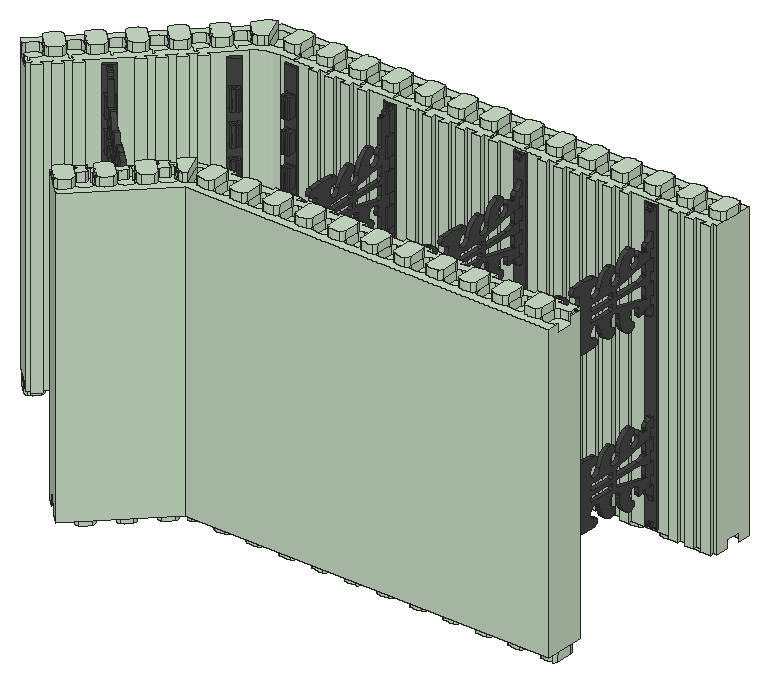
Revit family "ICF- NUDURA 10-inch- 45 Degree Form Unit- Imperial", category Generic Models, Revit 2010 (continued)
Definition of nested family "10-inch Insert Web"
  Forms (in)
    Extrusion 2, solid, material "High Density Polystyrene"
      sketch origin (0, 0, 0) x (0, 1, 0) y (0, 0, 1)
        loop
          line (2.26514, 4.18701) -> (2.26514, 4.37101)
      from 0.125 to -0.125
    Extrusion 3, solid, material "High Density Polystyrene"
      sketch origin (0, 0, 0) x (0, 1, 0) y (0, 0, 1)
        loop
          line (5.21, 16.17792) -> (4.71, 16.17792) -> (4.71, 14.97792) -> (5.21, 14.97792) -> (5.21, 16.17792)
        loop
          line (5.21, 14.22792) -> (4.71, 14.22792) -> (4.71, 13.02792) -> (5.21, 13.02792) -> (5.21, 14.22792)
        loop
          line (5.21, 12.27792) -> (4.71, 12.27792) -> (4.71, 11.07792) -> (5.21, 11.07792) -> (5.21, 12.27792)
        loop
          line (5.21, 10.32792) -> (4.71, 10.32792) -> (4.71, 9.24792) -> (5.21, 9.24792) -> (5.21, 10.32792)
        loop
          line (5.21, 8.49792) -> (4.71, 8.49792) -> (4.71, 7.41792) -> (5.21, 7.41792) -> (5.21, 8.49792)
        loop
          line (5.21, 6.66792) -> (4.71, 6.66792) -> (4.71, 5.46792) -> (5.21, 5.46792) -> (5.21, 6.66792)
        loop
          line (5.21, 4.71792) -> (4.71, 4.71792) -> (4.71, 3.51792) -> (5.21, 3.51792) -> (5.21, 4.71792)
        loop
          line (5.21, 2.76792) -> (4.71, 2.76792) -> (4.71, 1.56792) -> (5.21, 1.56792) -> (5.21, 2.76792)
        loop
          line (-5.21, 16.17792) -> (-5.21, 14.97792) -> (-4.71, 14.97792) -> (-4.71, 16.17792) -> (-5.21, 16.17792)
        loop
          line (-5.21, 14.22792) -> (-5.21, 13.02792) -> (-4.71, 13.02792) -> (-4.71, 14.22792) -> (-5.21, 14.22792)
        loop
          line (-5.21, 12.27792) -> (-5.21, 11.07792) -> (-4.71, 11.07792) -> (-4.71, 12.27792) -> (-5.21, 12.27792)
        loop
          line (-5.21, 10.32792) -> (-5.21, 9.24792) -> (-4.71, 9.24792) -> (-4.71, 10.32792) -> (-5.21, 10.32792)
        loop
          line (-5.21, 8.49792) -> (-5.21, 7.41792) -> (-4.71, 7.41792) -> (-4.71, 8.49792) -> (-5.21, 8.49792)
        loop
          line (-5.21, 6.66792) -> (-5.21, 5.46792) -> (-4.71, 5.46792) -> (-4.71, 6.66792) -> (-5.21, 6.66792)
        loop
          line (-5.21, 4.71792) -> (-5.21, 3.51792) -> (-4.71, 3.51792) -> (-4.71, 4.71792) -> (-5.21, 4.71792)
        loop
          line (-5.21, 2.76792) -> (-5.21, 1.56792) -> (-4.71, 1.56792) -> (-4.71, 2.76792) -> (-5.21, 2.76792)
      from 0.25 to -0.25
    Extrusion 4, void
      sketch origin (0, 2, 0) x (1, 0, 0) y (0, 1, 0)
        loop
          line (-0.25, 2.79249) -> (-0.25, 2.71) -> (-0.1675, 2.71)
          arc (-0.1675, 2.71) -> (-0.22584, 2.73416) -> (-0.25, 2.79249) r 0.0825
      from 0 to 18
    Extrusion 5, void
      sketch origin (0, 2, 0) x (-1, 0, 0) y (0, -1, 0)
        loop
          arc (-0.25, -2.79249) -> (-0.22584, -2.73416) -> (-0.1675, -2.71) r 0.0825
          line (-0.1675, -2.71) -> (-0.25, -2.71) -> (-0.25, -2.79249)
      from 0 to 18
    Extrusion 6, void
      sketch origin (0, -2, 0) x (1, 0, 0) y (0, 1, 0)
        loop
          arc (-0.25, -2.79249) -> (-0.22584, -2.73416) -> (-0.1675, -2.71) r 0.0825
          line (-0.1675, -2.71) -> (-0.25, -2.71) -> (-0.25, -2.79249)
      from 0 to 18
    Extrusion 7, void
      sketch origin (0, -2, 0) x (-1, 0, 0) y (0, -1, 0)
        loop
          line (-0.25, 2.79249) -> (-0.25, 2.71) -> (-0.1675, 2.71)
          arc (-0.1675, 2.71) -> (-0.22584, 2.73416) -> (-0.25, 2.79249) r 0.0825
      from 0 to 18
  Cuts and joins
    Extrusion 4, Extrusion 5, Extrusion 6, Extrusion 7 cuts Extrusion 1
    Extrusion 4, Extrusion 5, Extrusion 6, Extrusion 7 cuts Extrusion 3
Definition of nested family "NUDURA Diamond Pattern"
  Reference planes (in)
    plane 1 "Center (Front/Back)": y = 0
    plane 2: z = 0
    plane 3 "Center (Left/Right)": x = 0
    plane 4: z = 18
  Lines and regions (in)
    model lines
      curve 1: line (8, -5.625, 18) -> (8, -5.625, 0)
      curve 2: line (6, -5.625, 18) -> (6, -5.625, 0)
      curve 3: line (2, -5.625, 18) -> (2, -5.625, 0)
      curve 4: line (3.35367, -5.625, 16.98484) -> (3.69709, -5.625, 16.64142)
      curve 5: arc (3.35367, -5.625, 17.51517) -> (3.24384, -5.625, 17.25) -> (3.35367, -5.625, 16.98484) r 0.375
      curve 6: line (3.72867, -5.625, 17.89017) -> (3.35367, -5.625, 17.51517)
      curve 7: arc (4.259, -5.625, 17.89017) -> (3.99384, -5.625, 18) -> (3.72867, -5.625, 17.89017) r 0.375
      curve 8: line (4.634, -5.625, 17.51517) -> (4.259, -5.625, 17.89017)
      curve 9: arc (4.634, -5.625, 16.98484) -> (4.74384, -5.625, 17.25) -> (4.634, -5.625, 17.51517) r 0.375
      curve 10: line (4.29059, -5.625, 16.64142) -> (4.634, -5.625, 16.98484)
      curve 11: arc (4.17062, -5.625, 17.80178) -> (3.99384, -5.625, 17.875) -> (3.81706, -5.625, 17.80178) r 0.25
      curve 12: line (4.54562, -5.625, 17.42678) -> (4.17062, -5.625, 17.80178)
      curve 13: arc (4.54562, -5.625, 17.07322) -> (4.61884, -5.625, 17.25) -> (4.54562, -5.625, 17.42678) r 0.25
      curve 14: line (4.17062, -5.625, 16.69822) -> (4.54562, -5.625, 17.07322)
      curve 15: arc (3.81706, -5.625, 16.69822) -> (3.99384, -5.625, 16.625) -> (4.17062, -5.625, 16.69822) r 0.25
      curve 16: line (3.44206, -5.625, 17.07322) -> (3.81706, -5.625, 16.69822)
      curve 17: arc (3.44206, -5.625, 17.42678) -> (3.36884, -5.625, 17.25) -> (3.44206, -5.625, 17.07322) r 0.25
      curve 18: line (3.81706, -5.625, 17.80178) -> (3.44206, -5.625, 17.42678)
      curve 19: arc (3.69709, -5.625, 16.35858) -> (3.75567, -5.625, 16.5) -> (3.69709, -5.625, 16.64142) r 0.2
      curve 20: line (4.634, -5.625, 16.01517) -> (4.29059, -5.625, 16.35858)
      curve 21: arc (4.634, -5.625, 15.48484) -> (4.74384, -5.625, 15.75) -> (4.634, -5.625, 16.01517) r 0.375
      curve 22: line (4.29059, -5.625, 15.14142) -> (4.634, -5.625, 15.48484)
      curve 23: line (3.35367, -5.625, 15.48484) -> (3.69709, -5.625, 15.14142)
      curve 24: arc (3.35367, -5.625, 16.01517) -> (3.24384, -5.625, 15.75) -> (3.35367, -5.625, 15.48484) r 0.375
      curve 25: line (3.69709, -5.625, 16.35858) -> (3.35367, -5.625, 16.01517)
      curve 26: arc (4.17062, -5.625, 16.30178) -> (3.99384, -5.625, 16.375) -> (3.81706, -5.625, 16.30178) r 0.25
      curve 27: line (3.81706, -5.625, 16.30178) -> (3.44206, -5.625, 15.92678)
      curve 28: arc (3.44206, -5.625, 15.92678) -> (3.36884, -5.625, 15.75) -> (3.44206, -5.625, 15.57322) r 0.25
      curve 29: line (3.44206, -5.625, 15.57322) -> (3.81706, -5.625, 15.19822)
      curve 30: arc (3.81706, -5.625, 15.19822) -> (3.99384, -5.625, 15.125) -> (4.17062, -5.625, 15.19822) r 0.25
      curve 31: line (4.17062, -5.625, 15.19822) -> (4.54562, -5.625, 15.57322)
      curve 32: arc (4.54562, -5.625, 15.57322) -> (4.61884, -5.625, 15.75) -> (4.54562, -5.625, 15.92678) r 0.25
      curve 33: line (4.54562, -5.625, 15.92678) -> (4.17062, -5.625, 16.30178)
      curve 34: arc (3.69709, -5.625, 14.85858) -> (3.75567, -5.625, 15) -> (3.69709, -5.625, 15.14142) r 0.2
      curve 35: line (4.634, -5.625, 14.51517) -> (4.29059, -5.625, 14.85858)
      curve 36: arc (4.634, -5.625, 13.98484) -> (4.74384, -5.625, 14.25) -> (4.634, -5.625, 14.51517) r 0.375
      curve 37: line (4.29059, -5.625, 13.64142) -> (4.634, -5.625, 13.98484)
      curve 38: line (3.35367, -5.625, 13.98484) -> (3.69709, -5.625, 13.64142)
      curve 39: arc (3.35367, -5.625, 14.51517) -> (3.24384, -5.625, 14.25) -> (3.35367, -5.625, 13.98484) r 0.375
      curve 40: line (3.69709, -5.625, 14.85858) -> (3.35367, -5.625, 14.51517)
      curve 41: arc (4.17062, -5.625, 14.80178) -> (3.99384, -5.625, 14.875) -> (3.81706, -5.625, 14.80178) r 0.25
      curve 42: line (3.81706, -5.625, 14.80178) -> (3.44206, -5.625, 14.42678)
      curve 43: arc (3.44206, -5.625, 14.42678) -> (3.36884, -5.625, 14.25) -> (3.44206, -5.625, 14.07322) r 0.25
      curve 44: line (3.44206, -5.625, 14.07322) -> (3.81706, -5.625, 13.69822)
      curve 45: arc (3.81706, -5.625, 13.69822) -> (3.99384, -5.625, 13.625) -> (4.17062, -5.625, 13.69822) r 0.25
      curve 46: line (4.17062, -5.625, 13.69822) -> (4.54562, -5.625, 14.07322)
      curve 47: arc (4.54562, -5.625, 14.07322) -> (4.61884, -5.625, 14.25) -> (4.54562, -5.625, 14.42678) r 0.25
      curve 48: line (4.54562, -5.625, 14.42678) -> (4.17062, -5.625, 14.80178)
      curve 49: arc (3.69709, -5.625, 13.35858) -> (3.75567, -5.625, 13.5) -> (3.69709, -5.625, 13.64142) r 0.2
      curve 50: line (4.634, -5.625, 13.01517) -> (4.29059, -5.625, 13.35858)
      curve 51: arc (4.634, -5.625, 12.48484) -> (4.74384, -5.625, 12.75) -> (4.634, -5.625, 13.01517) r 0.375
      curve 52: line (4.29059, -5.625, 12.14142) -> (4.634, -5.625, 12.48484)
      curve 53: line (3.35367, -5.625, 12.48484) -> (3.69709, -5.625, 12.14142)
      curve 54: arc (3.35367, -5.625, 13.01517) -> (3.24384, -5.625, 12.75) -> (3.35367, -5.625, 12.48484) r 0.375
      curve 55: line (3.69709, -5.625, 13.35858) -> (3.35367, -5.625, 13.01517)
      curve 56: arc (4.17062, -5.625, 13.30178) -> (3.99384, -5.625, 13.375) -> (3.81706, -5.625, 13.30178) r 0.25
      curve 57: line (3.81706, -5.625, 13.30178) -> (3.44206, -5.625, 12.92678)
      curve 58: arc (3.44206, -5.625, 12.92678) -> (3.36884, -5.625, 12.75) -> (3.44206, -5.625, 12.57322) r 0.25
      curve 59: line (3.44206, -5.625, 12.57322) -> (3.81706, -5.625, 12.19822)
      curve 60: arc (3.81706, -5.625, 12.19822) -> (3.99384, -5.625, 12.125) -> (4.17062, -5.625, 12.19822) r 0.25
      curve 61: line (4.17062, -5.625, 12.19822) -> (4.54562, -5.625, 12.57322)
      curve 62: arc (4.54562, -5.625, 12.57322) -> (4.61884, -5.625, 12.75) -> (4.54562, -5.625, 12.92678) r 0.25
      curve 63: line (4.54562, -5.625, 12.92678) -> (4.17062, -5.625, 13.30178)
      curve 64: arc (3.69709, -5.625, 11.85858) -> (3.75567, -5.625, 12) -> (3.69709, -5.625, 12.14142) r 0.2
      curve 65: line (4.634, -5.625, 11.51517) -> (4.29059, -5.625, 11.85858)
      curve 66: arc (4.634, -5.625, 10.98484) -> (4.74384, -5.625, 11.25) -> (4.634, -5.625, 11.51517) r 0.375
      curve 67: line (4.29059, -5.625, 10.64142) -> (4.634, -5.625, 10.98484)
      curve 68: line (3.35367, -5.625, 10.98484) -> (3.69709, -5.625, 10.64142)
      curve 69: arc (3.35367, -5.625, 11.51517) -> (3.24384, -5.625, 11.25) -> (3.35367, -5.625, 10.98484) r 0.375
      curve 70: line (3.69709, -5.625, 11.85858) -> (3.35367, -5.625, 11.51517)
      curve 71: arc (4.17062, -5.625, 11.80178) -> (3.99384, -5.625, 11.875) -> (3.81706, -5.625, 11.80178) r 0.25
      curve 72: line (3.81706, -5.625, 11.80178) -> (3.44206, -5.625, 11.42678)
      curve 73: arc (3.44206, -5.625, 11.42678) -> (3.36884, -5.625, 11.25) -> (3.44206, -5.625, 11.07322) r 0.25
      curve 74: line (3.44206, -5.625, 11.07322) -> (3.81706, -5.625, 10.69822)
      curve 75: arc (3.81706, -5.625, 10.69822) -> (3.99384, -5.625, 10.625) -> (4.17062, -5.625, 10.69822) r 0.25
      curve 76: line (4.17062, -5.625, 10.69822) -> (4.54562, -5.625, 11.07322)
      curve 77: arc (4.54562, -5.625, 11.07322) -> (4.61884, -5.625, 11.25) -> (4.54562, -5.625, 11.42678) r 0.25
      curve 78: line (4.54562, -5.625, 11.42678) -> (4.17062, -5.625, 11.80178)
      curve 79: arc (3.69709, -5.625, 10.35858) -> (3.75567, -5.625, 10.5) -> (3.69709, -5.625, 10.64142) r 0.2
      curve 80: line (4.634, -5.625, 10.01517) -> (4.29059, -5.625, 10.35858)
      curve 81: arc (4.634, -5.625, 9.48484) -> (4.74384, -5.625, 9.75) -> (4.634, -5.625, 10.01517) r 0.375
      curve 82: line (4.29059, -5.625, 9.14142) -> (4.634, -5.625, 9.48484)
      curve 83: line (3.35367, -5.625, 9.48484) -> (3.69709, -5.625, 9.14142)
      curve 84: arc (3.35367, -5.625, 10.01517) -> (3.24384, -5.625, 9.75) -> (3.35367, -5.625, 9.48484) r 0.375
      curve 85: line (3.69709, -5.625, 10.35858) -> (3.35367, -5.625, 10.01517)
      curve 86: arc (4.17062, -5.625, 10.30178) -> (3.99384, -5.625, 10.375) -> (3.81706, -5.625, 10.30178) r 0.25
      curve 87: line (3.81706, -5.625, 10.30178) -> (3.44206, -5.625, 9.92678)
      curve 88: arc (3.44206, -5.625, 9.92678) -> (3.36884, -5.625, 9.75) -> (3.44206, -5.625, 9.57322) r 0.25
      curve 89: line (3.44206, -5.625, 9.57322) -> (3.81706, -5.625, 9.19822)
      curve 90: arc (3.81706, -5.625, 9.19822) -> (3.99384, -5.625, 9.125) -> (4.17062, -5.625, 9.19822) r 0.25
      curve 91: line (4.17062, -5.625, 9.19822) -> (4.54562, -5.625, 9.57322)
      curve 92: arc (4.54562, -5.625, 9.57322) -> (4.61884, -5.625, 9.75) -> (4.54562, -5.625, 9.92678) r 0.25
      curve 93: line (4.54562, -5.625, 9.92678) -> (4.17062, -5.625, 10.30178)
      curve 94: arc (3.69709, -5.625, 8.85858) -> (3.75567, -5.625, 9) -> (3.69709, -5.625, 9.14142) r 0.2
      curve 95: line (4.634, -5.625, 8.51517) -> (4.29059, -5.625, 8.85858)
      curve 96: arc (4.634, -5.625, 7.98484) -> (4.74384, -5.625, 8.25) -> (4.634, -5.625, 8.51517) r 0.375
      curve 97: line (4.29059, -5.625, 7.64142) -> (4.634, -5.625, 7.98484)
      curve 98: line (3.35367, -5.625, 7.98484) -> (3.69709, -5.625, 7.64142)
      curve 99: arc (3.35367, -5.625, 8.51517) -> (3.24384, -5.625, 8.25) -> (3.35367, -5.625, 7.98484) r 0.375
      curve 100: line (3.69709, -5.625, 8.85858) -> (3.35367, -5.625, 8.51517)
      curve 101: arc (4.17062, -5.625, 8.80178) -> (3.99384, -5.625, 8.875) -> (3.81706, -5.625, 8.80178) r 0.25
      curve 102: line (3.81706, -5.625, 8.80178) -> (3.44206, -5.625, 8.42678)
      curve 103: arc (3.44206, -5.625, 8.42678) -> (3.36884, -5.625, 8.25) -> (3.44206, -5.625, 8.07322) r 0.25
      curve 104: line (3.44206, -5.625, 8.07322) -> (3.81706, -5.625, 7.69822)
      curve 105: arc (3.81706, -5.625, 7.69822) -> (3.99384, -5.625, 7.625) -> (4.17062, -5.625, 7.69822) r 0.25
      curve 106: line (4.17062, -5.625, 7.69822) -> (4.54562, -5.625, 8.07322)
      curve 107: arc (4.54562, -5.625, 8.07322) -> (4.61884, -5.625, 8.25) -> (4.54562, -5.625, 8.42678) r 0.25
      curve 108: line (4.54562, -5.625, 8.42678) -> (4.17062, -5.625, 8.80178)
      curve 109: arc (3.69709, -5.625, 7.35858) -> (3.75567, -5.625, 7.5) -> (3.69709, -5.625, 7.64142) r 0.2
      curve 110: line (4.634, -5.625, 7.01517) -> (4.29059, -5.625, 7.35858)
      curve 111: arc (4.634, -5.625, 6.48484) -> (4.74384, -5.625, 6.75) -> (4.634, -5.625, 7.01517) r 0.375
      curve 112: line (4.29059, -5.625, 6.14142) -> (4.634, -5.625, 6.48484)
      curve 113: line (3.35367, -5.625, 6.48484) -> (3.69709, -5.625, 6.14142)
      curve 114: arc (3.35367, -5.625, 7.01517) -> (3.24384, -5.625, 6.75) -> (3.35367, -5.625, 6.48484) r 0.375
      curve 115: line (3.69709, -5.625, 7.35858) -> (3.35367, -5.625, 7.01517)
      curve 116: arc (4.17062, -5.625, 7.30178) -> (3.99384, -5.625, 7.375) -> (3.81706, -5.625, 7.30178) r 0.25
      curve 117: line (3.81706, -5.625, 7.30178) -> (3.44206, -5.625, 6.92678)
      curve 118: arc (3.44206, -5.625, 6.92678) -> (3.36884, -5.625, 6.75) -> (3.44206, -5.625, 6.57322) r 0.25
      curve 119: line (3.44206, -5.625, 6.57322) -> (3.81706, -5.625, 6.19822)
      curve 120: arc (3.81706, -5.625, 6.19822) -> (3.99384, -5.625, 6.125) -> (4.17062, -5.625, 6.19822) r 0.25
      curve 121: line (4.17062, -5.625, 6.19822) -> (4.54562, -5.625, 6.57322)
      curve 122: arc (4.54562, -5.625, 6.57322) -> (4.61884, -5.625, 6.75) -> (4.54562, -5.625, 6.92678) r 0.25
      curve 123: line (4.54562, -5.625, 6.92678) -> (4.17062, -5.625, 7.30178)
      curve 124: arc (3.69709, -5.625, 5.85858) -> (3.75567, -5.625, 6) -> (3.69709, -5.625, 6.14142) r 0.2
      curve 125: line (4.634, -5.625, 5.51517) -> (4.29059, -5.625, 5.85858)
      curve 126: arc (4.634, -5.625, 4.98484) -> (4.74384, -5.625, 5.25) -> (4.634, -5.625, 5.51517) r 0.375
      curve 127: line (4.29059, -5.625, 4.64142) -> (4.634, -5.625, 4.98484)
      curve 128: line (3.35367, -5.625, 4.98484) -> (3.69709, -5.625, 4.64142)
      curve 129: arc (3.35367, -5.625, 5.51517) -> (3.24384, -5.625, 5.25) -> (3.35367, -5.625, 4.98484) r 0.375
      curve 130: line (3.69709, -5.625, 5.85858) -> (3.35367, -5.625, 5.51517)
      curve 131: arc (4.17062, -5.625, 5.80178) -> (3.99384, -5.625, 5.875) -> (3.81706, -5.625, 5.80178) r 0.25
      curve 132: line (3.81706, -5.625, 5.80178) -> (3.44206, -5.625, 5.42678)
      curve 133: arc (3.44206, -5.625, 5.42678) -> (3.36884, -5.625, 5.25) -> (3.44206, -5.625, 5.07322) r 0.25
      curve 134: line (3.44206, -5.625, 5.07322) -> (3.81706, -5.625, 4.69822)
      curve 135: arc (3.81706, -5.625, 4.69822) -> (3.99384, -5.625, 4.625) -> (4.17062, -5.625, 4.69822) r 0.25
      curve 136: line (4.17062, -5.625, 4.69822) -> (4.54562, -5.625, 5.07322)
      curve 137: arc (4.54562, -5.625, 5.07322) -> (4.61884, -5.625, 5.25) -> (4.54562, -5.625, 5.42678) r 0.25
      curve 138: line (4.54562, -5.625, 5.42678) -> (4.17062, -5.625, 5.80178)
      curve 139: arc (3.69709, -5.625, 4.35858) -> (3.75567, -5.625, 4.5) -> (3.69709, -5.625, 4.64142) r 0.2
      curve 140: line (4.634, -5.625, 4.01517) -> (4.29059, -5.625, 4.35858)
      curve 141: arc (4.634, -5.625, 3.48484) -> (4.74384, -5.625, 3.75) -> (4.634, -5.625, 4.01517) r 0.375
      curve 142: line (4.29059, -5.625, 3.14142) -> (4.634, -5.625, 3.48484)
      curve 143: line (3.35367, -5.625, 3.48484) -> (3.69709, -5.625, 3.14142)
      curve 144: arc (3.35367, -5.625, 4.01517) -> (3.24384, -5.625, 3.75) -> (3.35367, -5.625, 3.48484) r 0.375
      curve 145: line (3.69709, -5.625, 4.35858) -> (3.35367, -5.625, 4.01517)
      curve 146: arc (4.17062, -5.625, 4.30178) -> (3.99384, -5.625, 4.375) -> (3.81706, -5.625, 4.30178) r 0.25
      curve 147: line (3.81706, -5.625, 4.30178) -> (3.44206, -5.625, 3.92678)
      curve 148: arc (3.44206, -5.625, 3.92678) -> (3.36884, -5.625, 3.75) -> (3.44206, -5.625, 3.57322) r 0.25
      curve 149: line (3.44206, -5.625, 3.57322) -> (3.81706, -5.625, 3.19822)
      curve 150: arc (3.81706, -5.625, 3.19822) -> (3.99384, -5.625, 3.125) -> (4.17062, -5.625, 3.19822) r 0.25
      curve 151: line (4.17062, -5.625, 3.19822) -> (4.54562, -5.625, 3.57322)
      curve 152: arc (4.54562, -5.625, 3.57322) -> (4.61884, -5.625, 3.75) -> (4.54562, -5.625, 3.92678) r 0.25
      curve 153: line (4.54562, -5.625, 3.92678) -> (4.17062, -5.625, 4.30178)
      curve 154: arc (3.69709, -5.625, 2.85858) -> (3.75567, -5.625, 3) -> (3.69709, -5.625, 3.14142) r 0.2
      curve 155: line (4.634, -5.625, 2.51517) -> (4.29059, -5.625, 2.85858)
      curve 156: arc (4.634, -5.625, 1.98484) -> (4.74384, -5.625, 2.25) -> (4.634, -5.625, 2.51517) r 0.375
      curve 157: line (4.29059, -5.625, 1.64142) -> (4.634, -5.625, 1.98484)
      curve 158: line (3.35367, -5.625, 1.98484) -> (3.69709, -5.625, 1.64142)
      curve 159: arc (3.35367, -5.625, 2.51517) -> (3.24384, -5.625, 2.25) -> (3.35367, -5.625, 1.98484) r 0.375
      curve 160: line (3.69709, -5.625, 2.85858) -> (3.35367, -5.625, 2.51517)
      curve 161: arc (4.17062, -5.625, 2.80178) -> (3.99384, -5.625, 2.875) -> (3.81706, -5.625, 2.80178) r 0.25
      curve 162: line (3.81706, -5.625, 2.80178) -> (3.44206, -5.625, 2.42678)
      curve 163: arc (3.44206, -5.625, 2.42678) -> (3.36884, -5.625, 2.25) -> (3.44206, -5.625, 2.07322) r 0.25
      curve 164: line (3.44206, -5.625, 2.07322) -> (3.81706, -5.625, 1.69822)
      curve 165: arc (3.81706, -5.625, 1.69822) -> (3.99384, -5.625, 1.625) -> (4.17062, -5.625, 1.69822) r 0.25
      curve 166: line (4.17062, -5.625, 1.69822) -> (4.54562, -5.625, 2.07322)
      curve 167: arc (4.54562, -5.625, 2.07322) -> (4.61884, -5.625, 2.25) -> (4.54562, -5.625, 2.42678) r 0.25
      curve 168: line (4.54562, -5.625, 2.42678) -> (4.17062, -5.625, 2.80178)
      curve 169: arc (3.69709, -5.625, 1.35858) -> (3.75567, -5.625, 1.5) -> (3.69709, -5.625, 1.64142) r 0.2
      curve 170: line (3.69709, -5.625, 1.35858) -> (3.35367, -5.625, 1.01517)
      curve 171: arc (3.35367, -5.625, 1.01517) -> (3.24384, -5.625, 0.75) -> (3.35367, -5.625, 0.48484) r 0.375
      curve 172: line (3.35367, -5.625, 0.48484) -> (3.72867, -5.625, 0.10984)
      curve 173: arc (3.72867, -5.625, 0.10984) -> (3.99384, -5.625, 0) -> (4.259, -5.625, 0.10984) r 0.375
      curve 174: line (4.259, -5.625, 0.10984) -> (4.634, -5.625, 0.48484)
      curve 175: arc (4.634, -5.625, 0.48484) -> (4.74384, -5.625, 0.75) -> (4.634, -5.625, 1.01517) r 0.375
      curve 176: line (4.634, -5.625, 1.01517) -> (4.29059, -5.625, 1.35858)
      curve 177: arc (4.29059, -5.625, 1.64142) -> (4.23201, -5.625, 1.5) -> (4.29059, -5.625, 1.35858) r 0.2
      curve 178: arc (4.17062, -5.625, 1.30178) -> (3.99384, -5.625, 1.375) -> (3.81706, -5.625, 1.30178) r 0.25
      curve 179: line (4.54562, -5.625, 0.92678) -> (4.17062, -5.625, 1.30178)
      curve 180: arc (4.54562, -5.625, 0.57322) -> (4.61884, -5.625, 0.75) -> (4.54562, -5.625, 0.92678) r 0.25
      curve 181: line (4.17062, -5.625, 0.19822) -> (4.54562, -5.625, 0.57322)
      curve 182: arc (3.81706, -5.625, 0.19822) -> (3.99384, -5.625, 0.125) -> (4.17062, -5.625, 0.19822) r 0.25
      curve 183: line (3.44206, -5.625, 0.57322) -> (3.81706, -5.625, 0.19822)
      curve 184: arc (3.44206, -5.625, 0.92678) -> (3.36884, -5.625, 0.75) -> (3.44206, -5.625, 0.57322) r 0.25
      curve 185: line (3.81706, -5.625, 1.30178) -> (3.44206, -5.625, 0.92678)
      curve 186: arc (4.29059, -5.625, 3.14142) -> (4.23201, -5.625, 3) -> (4.29059, -5.625, 2.85858) r 0.2
      curve 187: arc (4.29059, -5.625, 4.64142) -> (4.23201, -5.625, 4.5) -> (4.29059, -5.625, 4.35858) r 0.2
      curve 188: arc (4.29059, -5.625, 6.14142) -> (4.23201, -5.625, 6) -> (4.29059, -5.625, 5.85858) r 0.2
      curve 189: arc (4.29059, -5.625, 7.64142) -> (4.23201, -5.625, 7.5) -> (4.29059, -5.625, 7.35858) r 0.2
      curve 190: arc (4.29059, -5.625, 9.14142) -> (4.23201, -5.625, 9) -> (4.29059, -5.625, 8.85858) r 0.2
      curve 191: arc (4.29059, -5.625, 10.64142) -> (4.23201, -5.625, 10.5) -> (4.29059, -5.625, 10.35858) r 0.2
      curve 192: arc (4.29059, -5.625, 12.14142) -> (4.23201, -5.625, 12) -> (4.29059, -5.625, 11.85858) r 0.2
      curve 193: arc (4.29059, -5.625, 13.64142) -> (4.23201, -5.625, 13.5) -> (4.29059, -5.625, 13.35858) r 0.2
      curve 194: arc (4.29059, -5.625, 15.14142) -> (4.23201, -5.625, 15) -> (4.29059, -5.625, 14.85858) r 0.2
      curve 195: arc (4.29059, -5.625, 16.64142) -> (4.23201, -5.625, 16.5) -> (4.29059, -5.625, 16.35858) r 0.2
Definition of nested family "NUDURA Logo Diamond"
  Reference planes (in)
    plane 1 "Center (Front/Back)": y = 0
    plane 2: z = 0
    plane 3 "Center (Left/Right)": x = 0
  Lines and regions (in)
    model lines
      curve 1: line (12.59848, 0, 17.50104) -> (12.24492, 0, 17.85459)
      curve 2: line (12.36113, 0, 16.76872) -> (12.59848, 0, 17.00607)
      curve 3: line (12.59848, 0, 16.00104) -> (12.36113, 0, 16.23839)
      curve 4: line (12.36113, 0, 15.26872) -> (12.59848, 0, 15.50607)
      curve 5: line (12.59848, 0, 14.50104) -> (12.36113, 0, 14.73839)
      curve 6: line (12.36113, 0, 13.76872) -> (12.59848, 0, 14.00607)
      curve 7: line (12.17421, 0, 13.28388) -> (12.71208, 0, 12.74602)
      curve 8: line (12.71208, 0, 12.74602) -> (12.78279, 0, 12.81673)
      curve 9: line (11.28279, 0, 12.74602) -> (11.82066, 0, 13.28388)
      curve 10: line (11.63374, 0, 13.23839) -> (11.21208, 0, 12.81673)
      curve 11: line (11.3964, 0, 14.00607) -> (11.63374, 0, 13.76872)
      curve 12: line (11.63374, 0, 14.73839) -> (11.3964, 0, 14.50104)
      curve 13: line (11.3964, 0, 15.50607) -> (11.63374, 0, 15.26872)
      curve 14: line (11.63374, 0, 16.23839) -> (11.3964, 0, 16.00104)
      curve 15: line (11.3964, 0, 17.00607) -> (11.63374, 0, 16.76872)
      curve 16: line (11.74995, 0, 17.85459) -> (11.3964, 0, 17.50104)
      curve 17: line (11.82066, 0, 17.78388) -> (11.46711, 0, 17.43033)
      curve 18: line (12.52777, 0, 17.43033) -> (12.17421, 0, 17.78388)
      curve 19: line (12.17421, 0, 16.72322) -> (12.52777, 0, 17.07678)
      curve 20: line (11.46711, 0, 17.07678) -> (11.82066, 0, 16.72322)
      curve 21: arc (11.3964, 0, 17.50104) -> (11.29388, 0, 17.25355) -> (11.3964, 0, 17.00607) r 0.35
      curve 22: arc (11.74995, 0, 17.85459) -> (11.99744, 0, 17.95711) -> (12.24492, 0, 17.85459) r 0.35
      curve 23: arc (11.46711, 0, 17.43033) -> (11.39388, 0, 17.25355) -> (11.46711, 0, 17.07678) r 0.25
      curve 24: arc (12.52777, 0, 17.43033) -> (12.60099, 0, 17.25355) -> (12.52777, 0, 17.07678) r 0.25
      curve 25: arc (12.17421, 0, 16.72322) -> (11.99744, 0, 16.65) -> (11.82066, 0, 16.72322) r 0.25
      curve 26: arc (11.82066, 0, 17.78388) -> (11.99744, 0, 17.85711) -> (12.17421, 0, 17.78388) r 0.25
      curve 27: arc (12.59848, 0, 17.50104) -> (12.70099, 0, 17.25355) -> (12.59848, 0, 17.00607) r 0.35
      curve 28: arc (11.63374, 0, 16.76872) -> (11.74358, 0, 16.50355) -> (11.63374, 0, 16.23839) r 0.375
      curve 29: arc (12.36113, 0, 16.76872) -> (12.2513, 0, 16.50355) -> (12.36113, 0, 16.23839) r 0.375
      curve 30: line (12.36113, 0, 15.26872) -> (12.59848, 0, 15.50607)
      curve 31: line (11.3964, 0, 15.50607) -> (11.63374, 0, 15.26872)
      curve 32: line (11.82066, 0, 16.28388) -> (11.46711, 0, 15.93033)
      curve 33: line (12.52777, 0, 15.93033) -> (12.17421, 0, 16.28388)
      curve 34: line (12.17421, 0, 15.22322) -> (12.52777, 0, 15.57678)
      curve 35: line (11.46711, 0, 15.57678) -> (11.82066, 0, 15.22322)
      curve 36: arc (11.3964, 0, 16.00104) -> (11.29388, 0, 15.75355) -> (11.3964, 0, 15.50607) r 0.35
      curve 37: arc (11.46711, 0, 15.93033) -> (11.39388, 0, 15.75355) -> (11.46711, 0, 15.57678) r 0.25
      curve 38: arc (12.52777, 0, 15.93033) -> (12.60099, 0, 15.75355) -> (12.52777, 0, 15.57678) r 0.25
      curve 39: arc (12.17421, 0, 15.22322) -> (11.99744, 0, 15.15) -> (11.82066, 0, 15.22322) r 0.25
      curve 40: arc (11.82066, 0, 16.28388) -> (11.99744, 0, 16.35711) -> (12.17421, 0, 16.28388) r 0.25
      curve 41: arc (12.59848, 0, 16.00104) -> (12.70099, 0, 15.75355) -> (12.59848, 0, 15.50607) r 0.35
      curve 42: line (11.63374, 0, 16.23839) -> (11.3964, 0, 16.00104)
      curve 43: line (12.59848, 0, 16.00104) -> (12.36113, 0, 16.23839)
      curve 44: arc (11.63374, 0, 15.26872) -> (11.74358, 0, 15.00355) -> (11.63374, 0, 14.73839) r 0.375
      curve 45: arc (12.36113, 0, 15.26872) -> (12.2513, 0, 15.00355) -> (12.36113, 0, 14.73839) r 0.375
      curve 46: line (12.36113, 0, 13.76872) -> (12.59848, 0, 14.00607)
      curve 47: line (11.3964, 0, 14.00607) -> (11.63374, 0, 13.76872)
      curve 48: line (11.82066, 0, 14.78388) -> (11.46711, 0, 14.43033)
      curve 49: line (12.52777, 0, 14.43033) -> (12.17421, 0, 14.78388)
      curve 50: line (12.17421, 0, 13.72322) -> (12.52777, 0, 14.07678)
      curve 51: line (11.46711, 0, 14.07678) -> (11.82066, 0, 13.72322)
      curve 52: arc (11.3964, 0, 14.50104) -> (11.29388, 0, 14.25355) -> (11.3964, 0, 14.00607) r 0.35
      curve 53: arc (11.46711, 0, 14.43033) -> (11.39388, 0, 14.25355) -> (11.46711, 0, 14.07678) r 0.25
      curve 54: arc (12.52777, 0, 14.43033) -> (12.60099, 0, 14.25355) -> (12.52777, 0, 14.07678) r 0.25
      curve 55: arc (12.17421, 0, 13.72322) -> (11.99744, 0, 13.65) -> (11.82066, 0, 13.72322) r 0.25
      curve 56: arc (11.82066, 0, 14.78388) -> (11.99744, 0, 14.85711) -> (12.17421, 0, 14.78388) r 0.25
      curve 57: arc (12.59848, 0, 14.50104) -> (12.70099, 0, 14.25355) -> (12.59848, 0, 14.00607) r 0.35
      curve 58: line (11.63374, 0, 14.73839) -> (11.3964, 0, 14.50104)
      curve 59: arc (11.63374, 0, 13.76872) -> (11.74358, 0, 13.50355) -> (11.63374, 0, 13.23839) r 0.375
      curve 60: arc (12.36113, 0, 13.76872) -> (12.2513, 0, 13.50355) -> (12.36113, 0, 13.23839) r 0.375
      curve 61: line (12.78279, 0, 12.81673) -> (12.36113, 0, 13.23839)
      curve 62: line (11.21208, 0, 12.81673) -> (11.28279, 0, 12.74602)
      curve 63: arc (11.82066, 0, 13.28388) -> (11.99744, 0, 13.35711) -> (12.17421, 0, 13.28388) r 0.25
      curve 64: line (12.59848, 0, 0.50607) -> (12.24492, 0, 0.15251)
      curve 65: line (12.36113, 0, 1.23839) -> (12.59848, 0, 1.00104)
      curve 66: line (12.59848, 0, 2.00607) -> (12.36113, 0, 1.76872)
      curve 67: line (12.36113, 0, 2.73839) -> (12.59848, 0, 2.50104)
      curve 68: line (12.59848, 0, 3.50607) -> (12.36113, 0, 3.26872)
      curve 69: line (12.36113, 0, 4.23839) -> (12.59848, 0, 4.00104)
      curve 70: line (12.17421, 0, 4.72322) -> (12.71208, 0, 5.26109)
      curve 71: line (12.71208, 0, 5.26109) -> (12.78279, 0, 5.19038)
      curve 72: line (11.28279, 0, 5.26109) -> (11.82066, 0, 4.72322)
      curve 73: line (11.63374, 0, 4.76872) -> (11.21208, 0, 5.19038)
      curve 74: line (11.3964, 0, 4.00104) -> (11.63374, 0, 4.23839)
      curve 75: line (11.63374, 0, 3.26872) -> (11.3964, 0, 3.50607)
      curve 76: line (11.3964, 0, 2.50104) -> (11.63374, 0, 2.73839)
      curve 77: line (11.63374, 0, 1.76872) -> (11.3964, 0, 2.00607)
      curve 78: line (11.3964, 0, 1.00104) -> (11.63374, 0, 1.23839)
      curve 79: line (11.74995, 0, 0.15251) -> (11.3964, 0, 0.50607)
      curve 80: line (11.82066, 0, 0.22322) -> (11.46711, 0, 0.57678)
      curve 81: line (12.52777, 0, 0.57678) -> (12.17421, 0, 0.22322)
      curve 82: line (12.17421, 0, 1.28388) -> (12.52777, 0, 0.93033)
      curve 83: line (11.46711, 0, 0.93033) -> (11.82066, 0, 1.28388)
      curve 84: arc (11.3964, 0, 0.50607) -> (11.29388, 0, 0.75355) -> (11.3964, 0, 1.00104) r 0.35
      curve 85: arc (11.74995, 0, 0.15251) -> (11.99744, 0, 0.05) -> (12.24492, 0, 0.15251) r 0.35
      curve 86: arc (11.46711, 0, 0.57678) -> (11.39388, 0, 0.75355) -> (11.46711, 0, 0.93033) r 0.25
      curve 87: arc (12.52777, 0, 0.57678) -> (12.60099, 0, 0.75355) -> (12.52777, 0, 0.93033) r 0.25
      curve 88: arc (12.17421, 0, 1.28388) -> (11.99744, 0, 1.35711) -> (11.82066, 0, 1.28388) r 0.25
      curve 89: arc (11.82066, 0, 0.22322) -> (11.99744, 0, 0.15) -> (12.17421, 0, 0.22322) r 0.25
      curve 90: arc (12.59848, 0, 0.50607) -> (12.70099, 0, 0.75355) -> (12.59848, 0, 1.00104) r 0.35
      curve 91: arc (11.63374, 0, 1.23839) -> (11.74358, 0, 1.50355) -> (11.63374, 0, 1.76872) r 0.375
      curve 92: arc (12.36113, 0, 1.23839) -> (12.2513, 0, 1.50355) -> (12.36113, 0, 1.76872) r 0.375
      curve 93: line (12.36113, 0, 2.73839) -> (12.59848, 0, 2.50104)
      curve 94: line (11.3964, 0, 2.50104) -> (11.63374, 0, 2.73839)
      curve 95: line (11.82066, 0, 1.72322) -> (11.46711, 0, 2.07678)
      curve 96: line (12.52777, 0, 2.07678) -> (12.17421, 0, 1.72322)
      curve 97: line (12.17421, 0, 2.78388) -> (12.52777, 0, 2.43033)
      curve 98: line (11.46711, 0, 2.43033) -> (11.82066, 0, 2.78388)
      curve 99: arc (11.3964, 0, 2.00607) -> (11.29388, 0, 2.25355) -> (11.3964, 0, 2.50104) r 0.35
      curve 100: arc (11.46711, 0, 2.07678) -> (11.39388, 0, 2.25355) -> (11.46711, 0, 2.43033) r 0.25
      curve 101: arc (12.52777, 0, 2.07678) -> (12.60099, 0, 2.25355) -> (12.52777, 0, 2.43033) r 0.25
      curve 102: arc (12.17421, 0, 2.78388) -> (11.99744, 0, 2.85711) -> (11.82066, 0, 2.78388) r 0.25
      curve 103: arc (11.82066, 0, 1.72322) -> (11.99744, 0, 1.65) -> (12.17421, 0, 1.72322) r 0.25
      curve 104: arc (12.59848, 0, 2.00607) -> (12.70099, 0, 2.25355) -> (12.59848, 0, 2.50104) r 0.35
      curve 105: line (11.63374, 0, 1.76872) -> (11.3964, 0, 2.00607)
      curve 106: line (12.59848, 0, 2.00607) -> (12.36113, 0, 1.76872)
      curve 107: arc (11.63374, 0, 2.73839) -> (11.74358, 0, 3.00355) -> (11.63374, 0, 3.26872) r 0.375
      curve 108: arc (12.36113, 0, 2.73839) -> (12.2513, 0, 3.00355) -> (12.36113, 0, 3.26872) r 0.375
      curve 109: line (12.36113, 0, 4.23839) -> (12.59848, 0, 4.00104)
      curve 110: line (11.3964, 0, 4.00104) -> (11.63374, 0, 4.23839)
      curve 111: line (11.82066, 0, 3.22322) -> (11.46711, 0, 3.57678)
      curve 112: line (12.52777, 0, 3.57678) -> (12.17421, 0, 3.22322)
      curve 113: line (12.17421, 0, 4.28388) -> (12.52777, 0, 3.93033)
      curve 114: line (11.46711, 0, 3.93033) -> (11.82066, 0, 4.28388)
      curve 115: arc (11.3964, 0, 3.50607) -> (11.29388, 0, 3.75355) -> (11.3964, 0, 4.00104) r 0.35
      curve 116: arc (11.46711, 0, 3.57678) -> (11.39388, 0, 3.75355) -> (11.46711, 0, 3.93033) r 0.25
      curve 117: arc (12.52777, 0, 3.57678) -> (12.60099, 0, 3.75355) -> (12.52777, 0, 3.93033) r 0.25
      curve 118: arc (12.17421, 0, 4.28388) -> (11.99744, 0, 4.35711) -> (11.82066, 0, 4.28388) r 0.25
      curve 119: arc (11.82066, 0, 3.22322) -> (11.99744, 0, 3.15) -> (12.17421, 0, 3.22322) r 0.25
      curve 120: arc (12.59848, 0, 3.50607) -> (12.70099, 0, 3.75355) -> (12.59848, 0, 4.00104) r 0.35
      curve 121: line (11.63374, 0, 3.26872) -> (11.3964, 0, 3.50607)
      curve 122: arc (11.63374, 0, 4.23839) -> (11.74358, 0, 4.50355) -> (11.63374, 0, 4.76872) r 0.375
      curve 123: arc (12.36113, 0, 4.23839) -> (12.2513, 0, 4.50355) -> (12.36113, 0, 4.76872) r 0.375
      curve 124: line (12.78279, 0, 5.19038) -> (12.36113, 0, 4.76872)
      curve 125: line (11.21208, 0, 5.19038) -> (11.28279, 0, 5.26109)
      curve 126: arc (11.82066, 0, 4.72322) -> (11.99744, 0, 4.65) -> (12.17421, 0, 4.72322) r 0.25
      curve 127: line (12.37244, 0, 12.50355) -> (11.62244, 0, 12.50355)
      curve 128: line (12.74744, 0, 5.87855) -> (12.74744, 0, 12.12855)
      curve 129: line (11.24744, 0, 12.12855) -> (11.24744, 0, 5.87855)
      curve 130: line (11.62244, 0, 5.50355) -> (12.37244, 0, 5.50355)
      curve 131: line (12.47232, 0, 12.00355) -> (12.0393, 0, 12.25355)
      curve 132: line (12.47232, 0, 11.50355) -> (12.47232, 0, 12.00355)
      curve 133: line (12.25581, 0, 11.37855) -> (12.47232, 0, 11.50355)
      curve 134: line (12.02256, 0, 11.51322) -> (12.25581, 0, 11.37855)
      curve 135: line (12.22232, 0, 11.62855) -> (12.02256, 0, 11.51322)
      curve 136: line (11.80605, 0, 12.11888) -> (12.22232, 0, 11.87855)
      curve 137: line (12.22232, 0, 11.87855) -> (12.22232, 0, 11.62855)
      curve 138: line (12.0393, 0, 12.25355) -> (11.80605, 0, 12.11888)
      curve 139: line (11.77256, 0, 11.63822) -> (11.97232, 0, 11.75355)
      curve 140: line (11.97232, 0, 11.75355) -> (11.73906, 0, 11.88822)
      curve 141: line (11.73906, 0, 11.88822) -> (11.52256, 0, 11.76322)
      curve 142: line (11.52256, 0, 11.76322) -> (11.52256, 0, 11.26322)
      curve 143: line (11.77256, 0, 11.38822) -> (11.77256, 0, 11.63822)
      curve 144: line (12.18882, 0, 11.14789) -> (11.77256, 0, 11.38822)
      curve 145: line (11.95557, 0, 11.01322) -> (12.18882, 0, 11.14789)
      curve 146: line (11.52256, 0, 11.26322) -> (11.95557, 0, 11.01322)
      curve 147: line (12.31108, 0, 10.60411) -> (11.68379, 0, 10.74458)
      curve 148: line (11.68379, 0, 10.74458) -> (11.68379, 0, 10.51321)
      curve 149: line (11.68379, 0, 10.51321) -> (12.1295, 0, 10.41405)
      curve 150: line (12.1295, 0, 10.41405) -> (11.68379, 0, 10.27358)
      curve 151: line (11.68379, 0, 10.27358) -> (11.68379, 0, 9.8852)
      curve 152: line (11.68379, 0, 9.8852) -> (12.17077, 0, 9.77615)
      curve 153: line (12.17077, 0, 9.77615) -> (12.17077, 0, 9.74472)
      curve 154: line (12.17077, 0, 9.74472) -> (11.86146, 0, 9.80279)
      curve 155: line (11.68379, 0, 9.65536) -> (11.68379, 0, 9.35864)
      curve 156: line (12.07077, 0, 8.74385) -> (12.07077, 0, 8.99996)
      curve 157: line (12.07077, 0, 8.99996) -> (11.68379, 0, 9.08605)
      curve 158: line (11.68379, 0, 9.08605) -> (11.68379, 0, 8.47809)
      curve 159: line (11.91823, 0, 9.06589) -> (12.31108, 0, 8.97792)
      curve 160: line (11.82444, 0, 8.55476) -> (11.82444, 0, 8.79865)
      curve 161: line (11.82444, 0, 8.79865) -> (12.07077, 0, 8.74385)
      curve 162: line (11.68379, 0, 8.07193) -> (11.68379, 0, 7.77522)
      curve 163: line (11.91823, 0, 7.48247) -> (12.21108, 0, 7.41688)
      curve 164: line (12.21108, 0, 7.41688) -> (12.21108, 0, 6.95405)
      curve 165: line (12.16108, 0, 6.90405) -> (12.12077, 0, 6.90405)
      curve 166: line (12.07077, 0, 6.95405) -> (12.07077, 0, 7.08675)
      curve 167: line (12.07077, 0, 7.08675) -> (12.12077, 0, 7.07556)
      curve 168: line (12.12077, 0, 7.07556) -> (12.12077, 0, 7.33463)
      curve 169: line (12.12077, 0, 7.33463) -> (11.68379, 0, 7.43249)
      curve 170: line (11.68379, 0, 7.43249) -> (11.68379, 0, 7.17341)
      curve 171: line (11.68379, 0, 7.17341) -> (11.97077, 0, 7.10915)
      curve 172: line (11.97077, 0, 7.10915) -> (11.97077, 0, 6.99425)
      curve 173: line (11.92077, 0, 6.94425) -> (11.68379, 0, 6.94425)
      curve 174: line (11.68379, 0, 6.94425) -> (11.68379, 0, 6.45682)
      curve 175: line (11.68379, 0, 6.45682) -> (11.78284, 0, 6.38658)
      curve 176: line (11.78284, 0, 6.38658) -> (11.78284, 0, 6.05178)
      curve 177: line (12.12371, 0, 6.14486) -> (11.88284, 0, 6.31567)
      curve 178: line (11.88284, 0, 6.31567) -> (11.88284, 0, 6.07909)
      curve 179: line (11.88284, 0, 6.07909) -> (12.12371, 0, 6.14486)
      curve 180: line (11.78284, 0, 6.05178) -> (11.68379, 0, 6.02474)
      curve 181: line (11.68379, 0, 6.02474) -> (11.68379, 0, 5.75355)
      curve 182: line (11.68379, 0, 5.75355) -> (12.31108, 0, 5.92483)
      curve 183: line (12.31108, 0, 5.92483) -> (12.31108, 0, 6.28791)
      curve 184: line (12.31108, 0, 6.28791) -> (11.76249, 0, 6.67694)
      curve 185: line (11.76249, 0, 6.67694) -> (11.90321, 0, 6.67694)
      curve 186: line (12.31108, 0, 6.78674) -> (12.31108, 0, 7.63562)
      curve 187: line (12.31108, 0, 7.63562) -> (11.90258, 0, 7.7271)
      curve 188: line (11.82444, 0, 7.82469) -> (11.82444, 0, 7.92839)
      curve 189: line (11.88536, 0, 7.97718) -> (12.31108, 0, 7.88185)
      curve 190: line (12.31108, 0, 7.88185) -> (12.31108, 0, 8.13496)
      curve 191: line (12.31108, 0, 8.13496) -> (12.08042, 0, 8.17826)
      curve 192: line (12.31108, 0, 8.38353) -> (12.31108, 0, 8.9465)
      curve 193: line (12.31108, 0, 8.9465) -> (12.17077, 0, 8.97771)
      curve 194: line (12.17077, 0, 8.97771) -> (12.17077, 0, 8.55476)
      curve 195: line (12.31108, 0, 8.97792) -> (12.31108, 0, 9.21905)
      curve 196: line (12.31108, 0, 9.21905) -> (11.90258, 0, 9.31053)
      curve 197: line (11.82444, 0, 9.40811) -> (11.82444, 0, 9.51182)
      curve 198: line (11.87938, 0, 9.56195) -> (12.31108, 0, 9.46528)
      curve 199: line (12.31108, 0, 9.46528) -> (12.31108, 0, 9.98469)
      curve 200: line (12.31108, 0, 9.98469) -> (11.90664, 0, 10.07526)
      curve 201: line (11.90664, 0, 10.07526) -> (12.31108, 0, 10.20747)
      curve 202: line (12.31108, 0, 10.20747) -> (12.31108, 0, 10.60411)
      curve 203: arc (11.68379, 0, 9.65536) -> (11.73801, 0, 9.7708) -> (11.86146, 0, 9.80279) r 0.15
      curve 204: arc (11.68379, 0, 9.35864) -> (11.74962, 0, 9.17112) -> (11.91823, 0, 9.06589) r 0.3
      curve 205: arc (11.84417, 0, 8.22149) -> (11.72718, 0, 8.32679) -> (11.68379, 0, 8.47809) r 0.28547
      curve 206: arc (11.68379, 0, 8.07193) -> (11.73147, 0, 8.18158) -> (11.84417, 0, 8.22149) r 0.14992
      curve 207: arc (11.68379, 0, 7.77522) -> (11.74962, 0, 7.58769) -> (11.91823, 0, 7.48247) r 0.3
      curve 208: arc (11.82444, 0, 7.82469) -> (11.84638, 0, 7.76218) -> (11.90258, 0, 7.7271) r 0.1
      curve 209: arc (11.82444, 0, 7.92839) -> (11.84318, 0, 7.96742) -> (11.88536, 0, 7.97718) r 0.05
      curve 210: arc (12.12077, 0, 6.90405) -> (12.08541, 0, 6.91869) -> (12.07077, 0, 6.95405) r 0.05
      curve 211: arc (12.16108, 0, 6.90405) -> (12.19644, 0, 6.91869) -> (12.21108, 0, 6.95405) r 0.05
      curve 212: arc (11.97077, 0, 6.99425) -> (11.95612, 0, 6.95889) -> (11.92077, 0, 6.94425) r 0.05
      curve 213: arc (11.90321, 0, 6.67694) -> (11.96756, 0, 6.70069) -> (12.00104, 0, 6.76055) r 0.09904
      curve 214: arc (12.00104, 0, 6.76055) -> (12.1681, 0, 6.63117) -> (12.31108, 0, 6.78674) r 0.15613
      curve 215: arc (12.08042, 0, 8.17826) -> (12.24181, 0, 8.22914) -> (12.31108, 0, 8.38353) r 0.20667
      curve 216: arc (11.82444, 0, 8.55476) -> (11.9976, 0, 8.3816) -> (12.17077, 0, 8.55476) r 0.17317
      curve 217: arc (11.82444, 0, 9.40811) -> (11.84638, 0, 9.34561) -> (11.90258, 0, 9.31053) r 0.1
      curve 218: arc (11.82444, 0, 9.51182) -> (11.8459, 0, 9.55306) -> (11.892, 0, 9.55913) r 0.05034
      curve 219: arc (11.24744, 0, 12.12855) -> (11.35727, 0, 12.39372) -> (11.62244, 0, 12.50355) r 0.375
      curve 220: arc (12.37244, 0, 12.50355) -> (12.6376, 0, 12.39372) -> (12.74744, 0, 12.12855) r 0.375
      curve 221: arc (11.24744, 0, 5.87855) -> (11.35727, 0, 5.61339) -> (11.62244, 0, 5.50355) r 0.375
      curve 222: arc (12.37244, 0, 5.50355) -> (12.6376, 0, 5.61339) -> (12.74744, 0, 5.87855) r 0.375
      curve 223: line (9.99744, 0, 18) -> (9.99744, 0, 0)
      curve 224: line (13.99744, 0, 18) -> (13.99744, 0, 0)
      curve 225: line (15.99744, 0, 18) -> (15.99744, 0, 0)
Definition of nested family "NUDURA Logo Diamond Missing Outside Line"
  Reference planes (in)
    plane 1 "Center (Front/Back)": y = 0
    plane 2: z = 0
    plane 3 "Center (Left/Right)": x = 0
  Lines and regions (in)
    model lines
      curve 1: line (12.59848, 0, 17.50104) -> (12.24492, 0, 17.85459)
      curve 2: line (12.36113, 0, 16.76872) -> (12.59848, 0, 17.00607)
      curve 3: line (12.59848, 0, 16.00104) -> (12.36113, 0, 16.23839)
      curve 4: line (12.36113, 0, 15.26872) -> (12.59848, 0, 15.50607)
      curve 5: line (12.59848, 0, 14.50104) -> (12.36113, 0, 14.73839)
      curve 6: line (12.36113, 0, 13.76872) -> (12.59848, 0, 14.00607)
      curve 7: line (12.17421, 0, 13.28388) -> (12.71208, 0, 12.74602)
      curve 8: line (12.71208, 0, 12.74602) -> (12.78279, 0, 12.81673)
      curve 9: line (11.28279, 0, 12.74602) -> (11.82066, 0, 13.28388)
      curve 10: line (11.63374, 0, 13.23839) -> (11.21208, 0, 12.81673)
      curve 11: line (11.3964, 0, 14.00607) -> (11.63374, 0, 13.76872)
      curve 12: line (11.63374, 0, 14.73839) -> (11.3964, 0, 14.50104)
      curve 13: line (11.3964, 0, 15.50607) -> (11.63374, 0, 15.26872)
      curve 14: line (11.63374, 0, 16.23839) -> (11.3964, 0, 16.00104)
      curve 15: line (11.3964, 0, 17.00607) -> (11.63374, 0, 16.76872)
      curve 16: line (11.74995, 0, 17.85459) -> (11.3964, 0, 17.50104)
      curve 17: line (11.82066, 0, 17.78388) -> (11.46711, 0, 17.43033)
      curve 18: line (12.52777, 0, 17.43033) -> (12.17421, 0, 17.78388)
      curve 19: line (12.17421, 0, 16.72322) -> (12.52777, 0, 17.07678)
      curve 20: line (11.46711, 0, 17.07678) -> (11.82066, 0, 16.72322)
      curve 21: arc (11.3964, 0, 17.50104) -> (11.29388, 0, 17.25355) -> (11.3964, 0, 17.00607) r 0.35
      curve 22: arc (11.74995, 0, 17.85459) -> (11.99744, 0, 17.95711) -> (12.24492, 0, 17.85459) r 0.35
      curve 23: arc (11.46711, 0, 17.43033) -> (11.39388, 0, 17.25355) -> (11.46711, 0, 17.07678) r 0.25
      curve 24: arc (12.52777, 0, 17.43033) -> (12.60099, 0, 17.25355) -> (12.52777, 0, 17.07678) r 0.25
      curve 25: arc (12.17421, 0, 16.72322) -> (11.99744, 0, 16.65) -> (11.82066, 0, 16.72322) r 0.25
      curve 26: arc (11.82066, 0, 17.78388) -> (11.99744, 0, 17.85711) -> (12.17421, 0, 17.78388) r 0.25
      curve 27: arc (12.59848, 0, 17.50104) -> (12.70099, 0, 17.25355) -> (12.59848, 0, 17.00607) r 0.35
      curve 28: arc (11.63374, 0, 16.76872) -> (11.74358, 0, 16.50355) -> (11.63374, 0, 16.23839) r 0.375
      curve 29: arc (12.36113, 0, 16.76872) -> (12.2513, 0, 16.50355) -> (12.36113, 0, 16.23839) r 0.375
      curve 30: line (12.36113, 0, 15.26872) -> (12.59848, 0, 15.50607)
      curve 31: line (11.3964, 0, 15.50607) -> (11.63374, 0, 15.26872)
      curve 32: line (11.82066, 0, 16.28388) -> (11.46711, 0, 15.93033)
      curve 33: line (12.52777, 0, 15.93033) -> (12.17421, 0, 16.28388)
      curve 34: line (12.17421, 0, 15.22322) -> (12.52777, 0, 15.57678)
      curve 35: line (11.46711, 0, 15.57678) -> (11.82066, 0, 15.22322)
      curve 36: arc (11.3964, 0, 16.00104) -> (11.29388, 0, 15.75355) -> (11.3964, 0, 15.50607) r 0.35
      curve 37: arc (11.46711, 0, 15.93033) -> (11.39388, 0, 15.75355) -> (11.46711, 0, 15.57678) r 0.25
      curve 38: arc (12.52777, 0, 15.93033) -> (12.60099, 0, 15.75355) -> (12.52777, 0, 15.57678) r 0.25
      curve 39: arc (12.17421, 0, 15.22322) -> (11.99744, 0, 15.15) -> (11.82066, 0, 15.22322) r 0.25
      curve 40: arc (11.82066, 0, 16.28388) -> (11.99744, 0, 16.35711) -> (12.17421, 0, 16.28388) r 0.25
      curve 41: arc (12.59848, 0, 16.00104) -> (12.70099, 0, 15.75355) -> (12.59848, 0, 15.50607) r 0.35
      curve 42: line (11.63374, 0, 16.23839) -> (11.3964, 0, 16.00104)
      curve 43: line (12.59848, 0, 16.00104) -> (12.36113, 0, 16.23839)
      curve 44: arc (11.63374, 0, 15.26872) -> (11.74358, 0, 15.00355) -> (11.63374, 0, 14.73839) r 0.375
      curve 45: arc (12.36113, 0, 15.26872) -> (12.2513, 0, 15.00355) -> (12.36113, 0, 14.73839) r 0.375
      curve 46: line (12.36113, 0, 13.76872) -> (12.59848, 0, 14.00607)
      curve 47: line (11.3964, 0, 14.00607) -> (11.63374, 0, 13.76872)
      curve 48: line (11.82066, 0, 14.78388) -> (11.46711, 0, 14.43033)
      curve 49: line (12.52777, 0, 14.43033) -> (12.17421, 0, 14.78388)
      curve 50: line (12.17421, 0, 13.72322) -> (12.52777, 0, 14.07678)
      curve 51: line (11.46711, 0, 14.07678) -> (11.82066, 0, 13.72322)
      curve 52: arc (11.3964, 0, 14.50104) -> (11.29388, 0, 14.25355) -> (11.3964, 0, 14.00607) r 0.35
      curve 53: arc (11.46711, 0, 14.43033) -> (11.39388, 0, 14.25355) -> (11.46711, 0, 14.07678) r 0.25
      curve 54: arc (12.52777, 0, 14.43033) -> (12.60099, 0, 14.25355) -> (12.52777, 0, 14.07678) r 0.25
      curve 55: arc (12.17421, 0, 13.72322) -> (11.99744, 0, 13.65) -> (11.82066, 0, 13.72322) r 0.25
      curve 56: arc (11.82066, 0, 14.78388) -> (11.99744, 0, 14.85711) -> (12.17421, 0, 14.78388) r 0.25
      curve 57: arc (12.59848, 0, 14.50104) -> (12.70099, 0, 14.25355) -> (12.59848, 0, 14.00607) r 0.35
      curve 58: line (11.63374, 0, 14.73839) -> (11.3964, 0, 14.50104)
      curve 59: arc (11.63374, 0, 13.76872) -> (11.74358, 0, 13.50355) -> (11.63374, 0, 13.23839) r 0.375
      curve 60: arc (12.36113, 0, 13.76872) -> (12.2513, 0, 13.50355) -> (12.36113, 0, 13.23839) r 0.375
      curve 61: line (12.78279, 0, 12.81673) -> (12.36113, 0, 13.23839)
      curve 62: line (11.21208, 0, 12.81673) -> (11.28279, 0, 12.74602)
      curve 63: arc (11.82066, 0, 13.28388) -> (11.99744, 0, 13.35711) -> (12.17421, 0, 13.28388) r 0.25
      curve 64: line (12.59848, 0, 0.50607) -> (12.24492, 0, 0.15251)
      curve 65: line (12.36113, 0, 1.23839) -> (12.59848, 0, 1.00104)
      curve 66: line (12.59848, 0, 2.00607) -> (12.36113, 0, 1.76872)
      curve 67: line (12.36113, 0, 2.73839) -> (12.59848, 0, 2.50104)
      curve 68: line (12.59848, 0, 3.50607) -> (12.36113, 0, 3.26872)
      curve 69: line (12.36113, 0, 4.23839) -> (12.59848, 0, 4.00104)
      curve 70: line (12.17421, 0, 4.72322) -> (12.71208, 0, 5.26109)
      curve 71: line (12.71208, 0, 5.26109) -> (12.78279, 0, 5.19038)
      curve 72: line (11.28279, 0, 5.26109) -> (11.82066, 0, 4.72322)
      curve 73: line (11.63374, 0, 4.76872) -> (11.21208, 0, 5.19038)
      curve 74: line (11.3964, 0, 4.00104) -> (11.63374, 0, 4.23839)
      curve 75: line (11.63374, 0, 3.26872) -> (11.3964, 0, 3.50607)
      curve 76: line (11.3964, 0, 2.50104) -> (11.63374, 0, 2.73839)
      curve 77: line (11.63374, 0, 1.76872) -> (11.3964, 0, 2.00607)
      curve 78: line (11.3964, 0, 1.00104) -> (11.63374, 0, 1.23839)
      curve 79: line (11.74995, 0, 0.15251) -> (11.3964, 0, 0.50607)
      curve 80: line (11.82066, 0, 0.22322) -> (11.46711, 0, 0.57678)
      curve 81: line (12.52777, 0, 0.57678) -> (12.17421, 0, 0.22322)
      curve 82: line (12.17421, 0, 1.28388) -> (12.52777, 0, 0.93033)
      curve 83: line (11.46711, 0, 0.93033) -> (11.82066, 0, 1.28388)
      curve 84: arc (11.3964, 0, 0.50607) -> (11.29388, 0, 0.75355) -> (11.3964, 0, 1.00104) r 0.35
      curve 85: arc (11.74995, 0, 0.15251) -> (11.99744, 0, 0.05) -> (12.24492, 0, 0.15251) r 0.35
      curve 86: arc (11.46711, 0, 0.57678) -> (11.39388, 0, 0.75355) -> (11.46711, 0, 0.93033) r 0.25
      curve 87: arc (12.52777, 0, 0.57678) -> (12.60099, 0, 0.75355) -> (12.52777, 0, 0.93033) r 0.25
      curve 88: arc (12.17421, 0, 1.28388) -> (11.99744, 0, 1.35711) -> (11.82066, 0, 1.28388) r 0.25
      curve 89: arc (11.82066, 0, 0.22322) -> (11.99744, 0, 0.15) -> (12.17421, 0, 0.22322) r 0.25
      curve 90: arc (12.59848, 0, 0.50607) -> (12.70099, 0, 0.75355) -> (12.59848, 0, 1.00104) r 0.35
      curve 91: arc (11.63374, 0, 1.23839) -> (11.74358, 0, 1.50355) -> (11.63374, 0, 1.76872) r 0.375
      curve 92: arc (12.36113, 0, 1.23839) -> (12.2513, 0, 1.50355) -> (12.36113, 0, 1.76872) r 0.375
      curve 93: line (12.36113, 0, 2.73839) -> (12.59848, 0, 2.50104)
      curve 94: line (11.3964, 0, 2.50104) -> (11.63374, 0, 2.73839)
      curve 95: line (11.82066, 0, 1.72322) -> (11.46711, 0, 2.07678)
      curve 96: line (12.52777, 0, 2.07678) -> (12.17421, 0, 1.72322)
      curve 97: line (12.17421, 0, 2.78388) -> (12.52777, 0, 2.43033)
      curve 98: line (11.46711, 0, 2.43033) -> (11.82066, 0, 2.78388)
      curve 99: arc (11.3964, 0, 2.00607) -> (11.29388, 0, 2.25355) -> (11.3964, 0, 2.50104) r 0.35
      curve 100: arc (11.46711, 0, 2.07678) -> (11.39388, 0, 2.25355) -> (11.46711, 0, 2.43033) r 0.25
      curve 101: arc (12.52777, 0, 2.07678) -> (12.60099, 0, 2.25355) -> (12.52777, 0, 2.43033) r 0.25
      curve 102: arc (12.17421, 0, 2.78388) -> (11.99744, 0, 2.85711) -> (11.82066, 0, 2.78388) r 0.25
      curve 103: arc (11.82066, 0, 1.72322) -> (11.99744, 0, 1.65) -> (12.17421, 0, 1.72322) r 0.25
      curve 104: arc (12.59848, 0, 2.00607) -> (12.70099, 0, 2.25355) -> (12.59848, 0, 2.50104) r 0.35
      curve 105: line (11.63374, 0, 1.76872) -> (11.3964, 0, 2.00607)
      curve 106: line (12.59848, 0, 2.00607) -> (12.36113, 0, 1.76872)
      curve 107: arc (11.63374, 0, 2.73839) -> (11.74358, 0, 3.00355) -> (11.63374, 0, 3.26872) r 0.375
      curve 108: arc (12.36113, 0, 2.73839) -> (12.2513, 0, 3.00355) -> (12.36113, 0, 3.26872) r 0.375
      curve 109: line (12.36113, 0, 4.23839) -> (12.59848, 0, 4.00104)
      curve 110: line (11.3964, 0, 4.00104) -> (11.63374, 0, 4.23839)
      curve 111: line (11.82066, 0, 3.22322) -> (11.46711, 0, 3.57678)
      curve 112: line (12.52777, 0, 3.57678) -> (12.17421, 0, 3.22322)
      curve 113: line (12.17421, 0, 4.28388) -> (12.52777, 0, 3.93033)
      curve 114: line (11.46711, 0, 3.93033) -> (11.82066, 0, 4.28388)
      curve 115: arc (11.3964, 0, 3.50607) -> (11.29388, 0, 3.75355) -> (11.3964, 0, 4.00104) r 0.35
      curve 116: arc (11.46711, 0, 3.57678) -> (11.39388, 0, 3.75355) -> (11.46711, 0, 3.93033) r 0.25
      curve 117: arc (12.52777, 0, 3.57678) -> (12.60099, 0, 3.75355) -> (12.52777, 0, 3.93033) r 0.25
      curve 118: arc (12.17421, 0, 4.28388) -> (11.99744, 0, 4.35711) -> (11.82066, 0, 4.28388) r 0.25
      curve 119: arc (11.82066, 0, 3.22322) -> (11.99744, 0, 3.15) -> (12.17421, 0, 3.22322) r 0.25
      curve 120: arc (12.59848, 0, 3.50607) -> (12.70099, 0, 3.75355) -> (12.59848, 0, 4.00104) r 0.35
      curve 121: line (11.63374, 0, 3.26872) -> (11.3964, 0, 3.50607)
      curve 122: arc (11.63374, 0, 4.23839) -> (11.74358, 0, 4.50355) -> (11.63374, 0, 4.76872) r 0.375
      curve 123: arc (12.36113, 0, 4.23839) -> (12.2513, 0, 4.50355) -> (12.36113, 0, 4.76872) r 0.375
      curve 124: line (12.78279, 0, 5.19038) -> (12.36113, 0, 4.76872)
      curve 125: line (11.21208, 0, 5.19038) -> (11.28279, 0, 5.26109)
      curve 126: arc (11.82066, 0, 4.72322) -> (11.99744, 0, 4.65) -> (12.17421, 0, 4.72322) r 0.25
      curve 127: line (12.37244, 0, 12.50355) -> (11.62244, 0, 12.50355)
      curve 128: line (12.74744, 0, 5.87855) -> (12.74744, 0, 12.12855)
      curve 129: line (11.24744, 0, 12.12855) -> (11.24744, 0, 5.87855)
      curve 130: line (11.62244, 0, 5.50355) -> (12.37244, 0, 5.50355)
      curve 131: line (12.47232, 0, 12.00355) -> (12.0393, 0, 12.25355)
      curve 132: line (12.47232, 0, 11.50355) -> (12.47232, 0, 12.00355)
      curve 133: line (12.25581, 0, 11.37855) -> (12.47232, 0, 11.50355)
      curve 134: line (12.02256, 0, 11.51322) -> (12.25581, 0, 11.37855)
      curve 135: line (12.22232, 0, 11.62855) -> (12.02256, 0, 11.51322)
      curve 136: line (11.80605, 0, 12.11888) -> (12.22232, 0, 11.87855)
      curve 137: line (12.22232, 0, 11.87855) -> (12.22232, 0, 11.62855)
      curve 138: line (12.0393, 0, 12.25355) -> (11.80605, 0, 12.11888)
      curve 139: line (11.77256, 0, 11.63822) -> (11.97232, 0, 11.75355)
